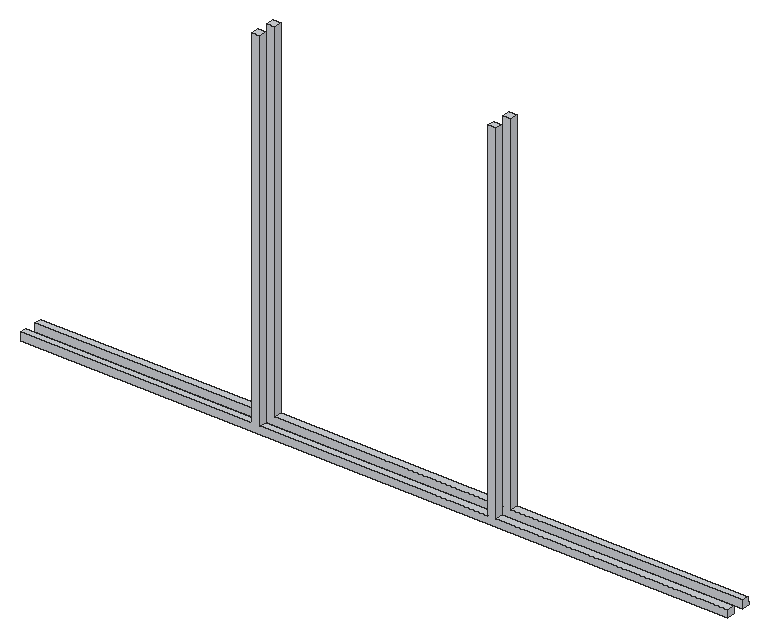
Revit family "M_Padrão do montante_fracional_1x3", category Modelos genéricos, Revit 2019
Family settings
  Pode hospedar o vergalhão = Não
  Cota do conector redondo = Utilizar diâmetro
  Tipo de parte = Normal
  Com base no plano de trabalho = Não
  Sempre na vertical = Sim
  Corte com vazios quando carregada = Não
  Compartilhado = Sim
  Ponto de cálculo do ambiente = Não
Parameters
  Largura [instance] = 1200 mm
  Espessura = 12.7 mm
  Altura [instance] = 1200 mm
  Material interior [instance] = none
  Material externo [instance] = none
  Distância = 19.05 mm
Reference planes
  plane 1 "Centro (Frente/Trás)": y = 0
  plane 2: z = 0
  plane 3 "Centro (Esquerda/Direita)": x = 0
  plane 4: z = 1200
  plane 5: x = -600
  plane 6: x = 600
  plane 7 "a": y = 9.525
  plane 8 "b": y = -9.525
  plane 9: z = 600
  plane 10: x = -200
  plane 11: x = -206.35
  plane 12: x = -193.65
  plane 13: x = 200
  plane 14: x = 193.65
  plane 15: x = 206.35
  plane 16: z = 606.35
  plane 17: z = 593.65
  plane 18: y = -22.225
  plane 19: y = 22.225
Forms (mm)
  Extrusion 1, solid, material <- "Material externo", detail levels fine
    sketch origin (0, 0, 0) x (1, 0, 0) y (0, 0, 1)
      loop
        line (-600, 593.65) -> (600, 593.65) -> (600, 606.35) -> (206.35, 606.35) -> (206.35, 1200) -> (193.65, 1200) -> (193.65, 606.35) -> (-193.65, 606.35) -> (-193.65, 1200) -> (-206.35, 1200) -> (-206.35, 606.35) -> (-600, 606.35) -> (-600, 593.65)
    from -22.225 to -9.525
  Extrusion 2, solid, material <- "Material interior", detail levels fine
    sketch origin (0, 0, 0) x (1, 0, 0) y (0, 0, -1)
      loop
        line (-600, -593.65) -> (-600, -606.35) -> (-206.35, -606.35) -> (-206.35, -1200) -> (-193.65, -1200) -> (-193.65, -606.35) -> (193.65, -606.35) -> (193.65, -1200) -> (206.35, -1200) -> (206.35, -606.35) -> (600, -606.35) -> (600, -593.65) -> (-600, -593.65)
    from -22.225 to -9.525
Lines and regions (mm)
  model lines, detail levels medium
    curve 1: line (-600, 9.525, 600) -> (600, 9.525, 600)
    curve 4: line (-600, -9.525, 600) -> (600, -9.525, 600)
  model lines, style "GenericModel", detail levels medium
    curve 2: line (-200, 9.525, 1200) -> (-200, 9.525, 600)
    curve 3: line (200, -9.525, 1200) -> (200, -9.525, 600)
    curve 5: line (-200, -9.525, 1200) -> (-200, -9.525, 600)
    curve 6: line (200, 9.525, 1200) -> (200, 9.525, 600)
Dimensions and locks
  equal spacing: plane 6, plane 3 "Centro (Esquerda/Direita)", plane 5
  "Largura": plane 6 to plane 5
  "Altura": plane 4 to plane 2
  equal spacing: plane 7 "a", plane 1 "Centro (Frente/Trás)", plane 8 "b"
  "Distância": plane 7 "a" to plane 8 "b"
  plane 12 to plane 10 to plane 11 = 6.35 mm locked, 6.35 mm locked
  equal spacing: plane 6, plane 13, plane 10, plane 5
  plane 14 to plane 13 = 6.35 mm
  plane 15 to plane 13 = 6.35 mm
  locked: plane 16 to plane 9 at 6.35
  locked: plane 9 to plane 17 at 6.35
  equal spacing: plane 4, plane 9, plane 2
  "Espessura": plane 19 to plane 7 "a"
  "Espessura": plane 8 "b" to plane 18
  aligned and locked: plane 2 to level
  aligned and locked: plane 5 to curve 1
  aligned and locked: plane 6 to curve 1
  aligned and locked: curve 1 to plane 9
  aligned and locked: curve 2 to plane 10
  aligned and locked: curve 3 to plane 13
  aligned and locked: Extrusion 1 sketch curve to plane 17
  aligned and locked: Extrusion 1 sketch curve to plane 16
  aligned and locked: Extrusion 1 sketch curve to plane 11
  aligned and locked: Extrusion 1 sketch curve to plane 12
  aligned and locked: Extrusion 1 sketch curve to plane 5
  aligned and locked: Extrusion 1 sketch curve to plane 14
  aligned and locked: Extrusion 1 sketch curve to plane 15
  aligned and locked: Extrusion 1 sketch curve to plane 6
  aligned and locked: Extrusion 1 sketch curve to plane 4
  aligned and locked: Extrusion 1 to plane 7 "a"
  aligned and locked: Extrusion 1 to plane 19
  aligned and locked: Extrusion 2 to plane 5  (x2)
  aligned and locked: plane 8 "b" to Extrusion 2
  aligned and locked: Extrusion 2 to plane 18
  aligned and locked: plane 6 to Extrusion 2  (x2)
  aligned and locked: plane 16 to Extrusion 2  (x3)
  aligned and locked: Extrusion 2 to plane 17
  aligned and locked: plane 5 to curve 4
  aligned and locked: plane 6 to curve 4
  aligned and locked: curve 5 to plane 10
  aligned and locked: curve 6 to plane 13
  aligned and locked: plane 4 to curve 2
  aligned and locked: plane 4 to curve 6
  aligned and locked: plane 9 to curve 2
Automatic sketch dimensions
  Extrusion 1 sketch curve to plane 16 = 0 mm  (x2)
  Extrusion 1 sketch curve to plane 4 = 0 mm
  Extrusion 2 sketch curve to plane 5 = 0 mm
  Extrusion 2 sketch curve to plane 11 = 0 mm
  Extrusion 2 sketch curve to plane 4 = 0 mm  (x2)
  Extrusion 2 sketch curve to plane 12 = 0 mm
  Extrusion 2 sketch curve to plane 14 = 0 mm
  Extrusion 2 sketch curve to plane 15 = 0 mm
  Extrusion 2 sketch curve to plane 6 = 0 mm
  Extrusion 2 sketch curve to plane 16 = 0 mm  (x3)
  Extrusion 2 sketch curve to plane 17 = 0 mm
  curve 4 to plane 6 = 0 mm
  curve 4 to plane 5 = 0 mm
  curve 3 to plane 9 = 0 mm
  curve 5 to plane 4 = 0 mm
  curve 3 to plane 4 = 0 mm
